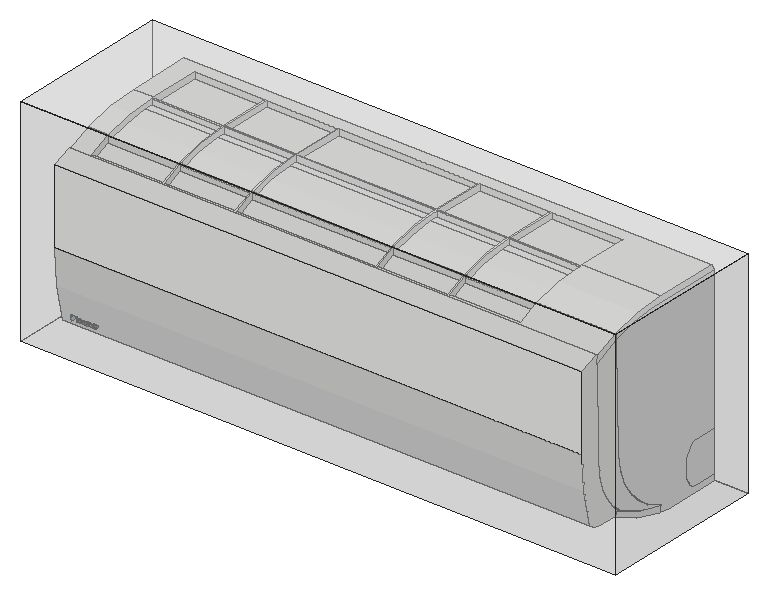
Revit family "outputfile", category 機械設備, Revit 2024
Family settings
  丸型コネクタ寸法 = 半径を使用
  パーツ タイプ = 標準
  OmniClass 番号 = 23.75.10.24.21.27.27
  OmniClass タイトル = Split System Air Conditioning Units
  作業面ベース = いいえ
  常に垂直 = はい
  ロード時にボイドで切り取り = いいえ
  注釈の向きを維持 = いいえ
  共有 = いいえ
  部屋計算ポイント = いいえ
Parameters (values of type "FTKB60XVMV")
  Description = ""
  書き出し IFC クラス(タイプ) = "IfcUnitaryEquipmentType"
  定義済み IFC タイプ(タイプ) = "AIRCONDITIONINGUNIT"
  Cost = 0
  Type Comments = ""
  Keynote = ""
  Type Image = (empty or 0)
  Assembly Code = ""
  w_wall hole = 48.0 mm  # constant formula
  製造元 = "Daikin"
  モデル = "FTKB60XVMV"
  switch_frequency = yes
  r_Liquid Pipe Size = Liquid Pipe Size / 2  # 3.2 mm
  r_Gas Pipe Size = Gas Pipe Size / 2  # 6.35 mm
  r_Drain Pipe Size = Drain Pipe Size / 2  # 8.0 mm
  lw_powersupply [instance] = if(or(Rear Right Connection_refrigerant, Bottom Right Connection_refrigerant), 30.0 mm, if(or(Rear Left Connection_refrigerant, Bottom Left Connection_refrigerant), 740.0 mm, 385.0 mm))  # 385.0 mm
  lw_liquidpipe [instance] = if(or(Rear Right Connection_refrigerant, Bottom Right Connection_refrigerant), 0.0 mm, if(or(Rear Left Connection_refrigerant, Bottom Left Connection_refrigerant), 674.0 mm, 385.0 mm))  # 385.0 mm
  lw_gaspipe [instance] = if(or(Rear Right Connection_refrigerant, Bottom Right Connection_refrigerant), 0.0 mm, if(or(Rear Left Connection_refrigerant, Bottom Left Connection_refrigerant), 674.0 mm, 345.0 mm))  # 345.0 mm
  lw_drainpipe [instance] = if(or(Rear Right Connection_refrigerant, Bottom Right Connection_refrigerant), 0.0 mm, if(or(Rear Left Connection_refrigerant, Bottom Left Connection_refrigerant), 674.0 mm, 440.0 mm))  # 440.0 mm
  l_powersupply_length [instance] = if(Right Connection_refrigerant, 385.0 mm, if(Left Connection_refrigerant, 385.0 mm, if(or(Rear Left Connection_refrigerant, Rear Right Connection_refrigerant), 15.0 mm, 50.0 mm)))  # 385.0 mm
  l_liquidpipe_length [instance] = if(Right Connection_refrigerant, 433.0 mm, if(Left Connection_refrigerant, 337.0 mm, if(or(Rear Left Connection_refrigerant, Rear Right Connection_refrigerant), 30.0 mm, 40.0 mm)))  # 433.0 mm
  l_gaspipe_length [instance] = if(Right Connection_refrigerant, 393.0 mm, if(Left Connection_refrigerant, 377.0 mm, if(or(Rear Left Connection_refrigerant, Rear Right Connection_refrigerant), 40.0 mm, 50.0 mm)))  # 393.0 mm
  l_drainpipe_length [instance] = if(Right Connection_refrigerant, 488.0 mm, if(Left Connection_refrigerant, 282.0 mm, if(or(Rear Left Connection_refrigerant, Rear Right Connection_refrigerant), 15.0 mm, 20.0 mm)))  # 488.0 mm
  h*** = 0.0 mm  # constant formula
  connector_voltage = Voltage_50Hz  # 230 V
  connector_powerinput = [Power Input (Cooling)]  # 0.000 kW
  connector_phase = Phase_50Hz  # 1
  angle_vertical [instance] = if(or(Bottom Left Connection_refrigerant, Bottom Right Connection_refrigerant), 0.00°, 90.00°)  # 90.00°
  angle_horizontal [instance] = if(Right Connection_refrigerant, 90.00°, if(Left Connection_refrigerant, -90.00°, if(or(Rear Left Connection_refrigerant, Rear Right Connection_refrigerant), 180.00°, 0.00°)))  # 90.00°
  Width = 770.0 mm
  Voltage_comment_50Hz = "220 - 240"
  Voltage_50Hz = 230 V
  Version = "ver.1.0"
  Unit Type = "Wall Mounted"
  Unit Mass Weight = 8.00 kg
  Unit Designation [instance] = ""
  Uniclass2015Version = "Products v1.30"
  Uniclass2015Title = "Split coil room air conditioning units"
  Uniclass2015Code = "Pr_70_65_03_86"
  URL = ""
  Total Cooling Capacity [instance] = 0.000 kW
  Sound Pressure Level_M speed (dBA) = 42
  Sound Pressure Level_L speed (dBA) = 37
  Sound Pressure Level_H speed (dBA) = 45
  Sound Power Level_H speed (dB) = 0
  Series = "Single Split_Fan Coil Unit"
  Sensible Cooling Capacity [instance] = 0.000 kW
  Refrigerant Type = "R32"
  Power Input (Cooling) = 0.000 kW
  Phase_50Hz = 1
  Option Accessory 3 [instance] = ""
  Option Accessory 2 [instance] = ""
  Option Accessory 1 [instance] = ""
  Nominal Cooling Capacity = 6.000 kW
  Minimum Circuit Amps_50Hz = 0.0 A
  Minimum Airflow = 594.00 m³/h
  Median Airflow = 726.00 m³/h
  Maximum Fuse Amps_50Hz = 0.0 A
  Maximum Airflow = 822.00 m³/h
  Material_Casing = DAIKIN_White_Casing_indoorunit
  Load Classification = HVAC
  Liquid Pipe Size = 6.4 mm
  Link_Nested Family [instance] = ""
  IfcVersion = ""
  IfcExportType = "AIRCONDITIONINGUNIT"
  IfcExportAs = "IfcUnitaryEquipmentType"
  Height = 285.0 mm
  Heat Exchanger Type = "Cross Fin Coil"
  Gas Pipe Size = 12.7 mm
  Frequency_50Hz = 50 Hz
  Fan Type = "Cross Flow Fan"
  Fan Drive = "Direct Drive"
  FCU Tag No. [instance] = ""
  Drain Pipe Size = 16.0 mm
  Design Supply Airflow [instance] = 0.00 m³/h
  Depth = 242.0 mm
  既定の高さ = 0.0 mm
  Cooling Entering Wet Bulb Temperature [instance] = 0.00 °C
  Cooling Entering Dry Bulb Temperature [instance] = 0.00 °C
  Cooling Ambient Wet Bulb Temperature [instance] = 0.00 °C
  Cooling Ambient Dry Bulb Temperature [instance] = 0.00 °C
  Clearance visibility [instance] = yes
  Clearance Top = 30.0 mm
  Clearance Right = 50.0 mm
  Clearance Rear = 0.0 mm
  Clearance Left = 50.0 mm
  Clearance Front = 0.0 mm
  Clearance Bottom = 0.0 mm
  Bottom Right Connection_refrigerant [instance] = no
  Bottom Left Connection_refrigerant [instance] = no
  Rear Right Connection_refrigerant [instance] = no
  Rear Left Connection_refrigerant [instance] = no
  Right Connection_refrigerant [instance] = yes
  Left Connection_refrigerant [instance] = no
Reference planes
  plane 1 "Back": y = 0
  plane 2: z = 0
  plane 3 "Center (Left/Right)": x = 0
  plane 4 "Center (Front/Back)": y = -121
  plane 5 "Front": y = -242
  plane 6 "Left": x = -385
  plane 7 "Right": x = 385
  plane 8 "Top": z = 0
  plane 9 "Bottom": z = -285
  plane 10: x = -435
  plane 11: x = 435
  plane 12: y = 0
  plane 13: y = -242
  plane 14: z = 30
  plane 15: z = -285
  plane 16 "lw_Piping and Wiring intake": x = 337
  plane 17 "lw_gaspipe": x = -8
  plane 18 "lw_liquidpipe": x = -48
  plane 19 "lw_drainpipe": x = -103
  plane 20 "lh_drainpipe": z = -265
  plane 21 "lh_liquidpipe": z = -245
  plane 22 "lh_gaspipe": z = -235
  plane 23 "ld_drainpipe": y = -15
  plane 24 "ld_liquidpipe": y = -30
  plane 25 "ld_gaspipe": y = -40
  plane 26 "lw_powersupply": x = 0
Dimensions and locks
  equal spacing: plane 6 "Left", plane 3 "Center (Left/Right)", plane 7 "Right"
  "Width": plane 6 "Left" to plane 7 "Right"
  equal spacing: plane 5 "Front", plane 4 "Center (Front/Back)", plane 1 "Back"
  "Depth": plane 5 "Front" to plane 1 "Back"
  "Height": plane 8 "Top" to plane 9 "Bottom"
  "Clearance Rear": plane 12 to plane 1 "Back"
  "Clearance Front": plane 13 to plane 5 "Front"
  "Clearance Top": plane 14 to plane 8 "Top"
  "Clearance Bottom": plane 9 "Bottom" to plane 15
  "w_wall hole": plane 16 "lw_Piping and Wiring intake" to plane 7 "Right"
  "lw_gaspipe": plane 17 "lw_gaspipe" to plane 16 "lw_Piping and Wiring intake"
  "lw_liquidpipe": plane 18 "lw_liquidpipe" to plane 16 "lw_Piping and Wiring intake"
  "lw_drainpipe": plane 19 "lw_drainpipe" to plane 16 "lw_Piping and Wiring intake"
  locked: plane 20 "lh_drainpipe" to plane 9 "Bottom" at 20
  locked: plane 21 "lh_liquidpipe" to plane 9 "Bottom" at 40
  locked: plane 22 "lh_gaspipe" to plane 9 "Bottom" at 50
  locked: plane 23 "ld_drainpipe" to plane 1 "Back" at 15
  locked: plane 1 "Back" to plane 24 "ld_liquidpipe" at 30
  locked: plane 1 "Back" to plane 25 "ld_gaspipe" at 40
  "lw_powersupply": plane 26 "lw_powersupply" to plane 7 "Right"
  "Clearance Right": plane 7 "Right" to plane 11
  "Clearance Left": plane 10 to plane 6 "Left"
  aligned and locked: level to plane 2
  aligned and locked: plane 12 to nested 1
  aligned and locked: nested 1 to plane 13
  aligned and locked: plane 10 to nested 1
  aligned and locked: plane 11 to nested 1
  aligned and locked: plane 15 to nested 1
  aligned and locked: plane 14 to nested 1
  aligned and locked: plane 17 "lw_gaspipe" to nested 2
  aligned and locked: nested 2 to plane 25 "ld_gaspipe"
  aligned and locked: plane 18 "lw_liquidpipe" to nested 3
  aligned and locked: nested 3 to plane 24 "ld_liquidpipe"
  aligned and locked: plane 19 "lw_drainpipe" to nested 4
  aligned and locked: nested 4 to plane 23 "ld_drainpipe"
  aligned and locked: nested 5 to plane 23 "ld_drainpipe"
  aligned and locked: plane 26 "lw_powersupply" to nested 5
  aligned and locked: level to plane 8 "Top"
  aligned and locked: plane 3 "Center (Left/Right)" to nested 6
  aligned and locked: plane 8 "Top" to nested 6
  aligned and locked: plane 1 "Back" to nested 6
Nested families
  nested 1: "daikin_clearancespace" at (0, -121, -127.381), show <- "Clearance visibility", visible <- "Clearance visibility", Link_Nested Family <- "Link_Nested Family", type "daikin_clearancespace"
    with width 870.0 mm, show yes, height 315.0 mm, depth 242.0 mm, Link_Nested Family ""
  nested 2: "daikin_connector_rotate3" at (-8, -40, -235), angle_vertical <- "angle_vertical", angle_horizontal <- "angle_horizontal", length <- "l_gaspipe_length", radius <- "r_Gas Pipe Size", type "daikin_connector_rotate3"
    with show no, radius 6.35 mm, length 393.0 mm, angle_vertical 90.00°, angle_horizontal 90.00°
  nested 3: "daikin_connector_rotate3" at (-48, -30, -245), angle_vertical <- "angle_vertical", angle_horizontal <- "angle_horizontal", radius <- "r_Liquid Pipe Size", length <- "l_liquidpipe_length", type "daikin_connector_rotate3"
    with show no, radius 3.2 mm, length 433.0 mm, angle_vertical 90.00°, angle_horizontal 90.00°
  nested 4: "daikin_connector_rotate3" at (-103, -15, -265), angle_vertical <- "angle_vertical", angle_horizontal <- "angle_horizontal", length <- "l_drainpipe_length", radius <- "r_Drain Pipe Size", type "daikin_connector_rotate3"
    with show no, radius 8.0 mm, length 488.0 mm, angle_vertical 90.00°, angle_horizontal 90.00°
  nested 5: "daikin_connector_rotate3" at (0, -15, -235), angle_vertical <- "angle_vertical", angle_horizontal <- "angle_horizontal", length <- "l_powersupply_length", type "daikin_connector_rotate3"
    with show no, radius 10.0 mm, length 385.0 mm, angle_vertical 90.00°, angle_horizontal 90.00°
  nested 6: "DAIKIN_indoorunit_FTKB-XVMV" at (-31, 0, 0), type "FTKB-XVMV"
Connectors
  piping at (385, -40, -235), diameter 12.7, driven by "r_Gas Pipe Size"
    settings: on nested 2, index 1, connector inside diameter 609.6 mm, connector length 0.0 mm, flow factor 0, pipe flow 0.00 m³/h, pressure drop 0.0 Pa, fitting loss kfactor 0, connector angle 0.00°, fixture units 0, engagement length 0.0 mm, angle of deflection 0.00°, flow configuration 1, flow direction 2, fitting loss method 0, system type 29, joint type 0, gender type 0, connector reference index -1, connector utility 0, adjustable connector no, is connector primary yes, connector description "Refrigerant Gas Piping"
  piping at (385, -30, -245), diameter 6.4, driven by "r_Liquid Pipe Size"
    settings: on nested 3, index 2, connector inside diameter 609.6 mm, connector length 0.0 mm, flow factor 0, pipe flow 0.00 m³/h, pressure drop 0.0 Pa, fitting loss kfactor 0, connector angle 0.00°, fixture units 0, engagement length 0.0 mm, angle of deflection 0.00°, flow configuration 1, flow direction 1, fitting loss method 0, system type 29, joint type 0, gender type 0, connector reference index -1, connector utility 0, adjustable connector no, is connector primary no, connector description "Refrigerant Liquid Piping"
  piping at (385, -15, -265), diameter 16, driven by "r_Drain Pipe Size"
    settings: on nested 4, index 3, connector inside diameter 609.6 mm, connector length 0.0 mm, flow factor 0, pipe flow 0.00 m³/h, pressure drop 0.0 Pa, fitting loss kfactor 0, connector angle 0.00°, fixture units 0, engagement length 0.0 mm, angle of deflection 0.00°, flow configuration 1, flow direction 2, fitting loss method 4, system type 16, joint type 0, gender type 0, connector reference index -1, connector utility 0, adjustable connector no, is connector primary no, connector description "Condensate Drain Piping"
  electrical at (385, -15, -235), driven by "Load Classification", driven by "connector_voltage", driven by "connector_phase", driven by "connector_powerinput"
    settings: on nested 5, index 4, voltage 230 V, apparent load 0 VA, apparent load phase1 0 VA, apparent load phase2 0 VA, apparent load phase3 0 VA, power factor 1, load classification "HVAC", number of poles 1, system type 30, power factor state 1, is connector primary yes, connector utility no, sub classification motor no, connector description "Power Supply"
Definition of nested family "daikin_clearancespace"
  Parameters (values of type "daikin_clearancespace")
    Description = "daikin_clearancespace"
    width [instance] = 1823.963 mm
    show [instance] = yes
    material = none
    height [instance] = 1359.762 mm
    depth [instance] = 880.0 mm
    Default Elevation = 0.0 mm
    Link_Nested Family [instance] = ""
  Reference planes
    plane 1 "Center (Front/Back)": y = 0
    plane 2 "Center (Elevation)": z = -0.119
    plane 3 "Center (Left/Right)": x = 0
    plane 4: y = 440
    plane 5: y = -440
    plane 6 "Right": x = 911.982
    plane 7 "Left": x = -911.982
    plane 8 "Top": z = 679.762
    plane 9 "Bottom": z = -680
  Forms (mm)
    Extrusion 1, solid, material <- "material", visible <- "show"
      sketch origin (0, 0, 0) x (1, 0, 0) y (0, 1, 0)
        loop
          line (-911.982, 440) -> (-911.982, -440) -> (911.982, -440) -> (911.982, 440) -> (-911.982, 440)
      from -680 to 679.762
  Lines and regions (mm)
    symbolic lines, visible <- "show"
      curve 1: line (911.982, 440, 0) -> (-911.982, 440, 0)
      curve 2: line (-911.982, 440, 0) -> (-911.982, -440, 0)
      curve 3: line (-911.982, -440, 0) -> (911.982, -440, 0)
      curve 4: line (911.982, -440, 0) -> (911.982, 440, 0)
      curve 5: line (911.982, 0, 679.762) -> (-911.982, 0, 679.762)
      curve 6: line (911.982, 0, -680) -> (911.982, 0, 679.762)
      curve 7: line (-911.982, 0, -680) -> (911.982, 0, -680)
      curve 8: line (-911.982, 0, 679.762) -> (-911.982, 0, -680)
      curve 9: line (0, 440, 679.762) -> (0, -440, 679.762)
      curve 10: line (0, -440, 679.762) -> (0, -440, -680)
      curve 11: line (0, 440, -680) -> (0, 440, 679.762)
      curve 12: line (0, -440, -680) -> (0, 440, -680)
  Dimensions and locks
    "width": plane 7 "Left" to plane 6 "Right"
    "depth": plane 4 to plane 5
    "height": plane 8 "Top" to plane 9 "Bottom"
    equal spacing: plane 7 "Left", plane 3 "Center (Left/Right)", plane 6 "Right"
    equal spacing: plane 4, plane 1 "Center (Front/Back)", plane 5
    equal spacing: plane 8 "Top", plane 2 "Center (Elevation)", plane 9 "Bottom"
    aligned and locked: level to plane 2 "Center (Elevation)"
    aligned and locked: Extrusion 1 sketch curve to plane 4
    aligned and locked: plane 7 "Left" to Extrusion 1 sketch curve
    aligned and locked: Extrusion 1 sketch curve to plane 5
    aligned and locked: Extrusion 1 sketch curve to plane 6 "Right"
    aligned and locked: plane 8 "Top" to Extrusion 1
    aligned and locked: curve 1 to Extrusion 1
    aligned and locked: curve 2 to Extrusion 1
    aligned and locked: curve 3 to Extrusion 1
    aligned and locked: curve 4 to Extrusion 1
    aligned and locked: curve 5 to Extrusion 1
    aligned and locked: curve 6 to Extrusion 1
    aligned and locked: curve 7 to Extrusion 1
    aligned and locked: curve 8 to Extrusion 1
    aligned and locked: curve 9 to Extrusion 1
    aligned and locked: curve 10 to Extrusion 1
    aligned and locked: curve 11 to Extrusion 1
    aligned and locked: curve 12 to Extrusion 1
    aligned and locked: Extrusion 1 to plane 9 "Bottom"
Definition of nested family "DAIKIN_indoorunit_FTKB-XVMV"
  Parameters (values of type "FTKB-XVMV")
    Width = 770.0 mm
    Material_Casing = none
    Height = 285.0 mm
    Default Elevation = 0.0 mm
  Reference planes
    plane 1 "Center (Front/Back)": y = 0
    plane 2 "reference_level": z = 0
    plane 3 "Center (Left/Right)": x = 31
    plane 4: x = -354
    plane 5: x = 416
    plane 6: y = -242
    plane 7: z = -285
  Forms (mm)
    Extrusion 1, solid, material <- "Material_Casing"
      sketch origin (31, 0, 0) x (0, 1, 0) y (0, 0, 1)
        loop
          line (-181.516, -252.416) -> (-177.432, -245.341)
          arc (-177.432, -245.341) -> (-187.602, -234.721) -> (-196.157, -222.761) r 103
          arc (-196.157, -222.761) -> (-204.858, -204.875) -> (-209.959, -185.65) r 103
          arc (-209.959, -185.65) -> (-211.672, -172.918) -> (-212.646, -160.108) r 222
          arc (-212.646, -160.108) -> (-214.738, -92.842) -> (-214.74, -25.543) r 2166.704
          line (-214.74, -25.543) -> (-242, -36.1) -> (-242, -144.253)
          arc (-242, -144.253) -> (-238.127, -195.07) -> (-226.597, -244.714) r 335.315
          arc (-226.597, -244.714) -> (-218.704, -249.531) -> (-209.718, -251.715) r 30
          arc (-209.718, -251.715) -> (-195.628, -252.481) -> (-181.516, -252.416) r 239.767
      from -385 to 385
    Extrusion 2, solid, material <- "Material_Casing"
      sketch origin (31, 0, 0) x (0, 1, 0) y (0, 0, 1)
        loop
          line (0, -8.5) -> (-113.618, -8.5)
          arc (-113.618, -8.5) -> (-146.846, -12.967) -> (-179.138, -21.983) r 242
          arc (-179.138, -21.983) -> (-179.047, -97.761) -> (-175.674, -173.465) r 1749.053
          arc (-175.674, -173.465) -> (-151.972, -235.488) -> (-97.504, -273.461) r 112.896
          line (-97.504, -273.461) -> (-97.504, -283.03)
          arc (-97.504, -283.03) -> (-89.849, -284.138) -> (-82.162, -285) r 240
          line (-82.162, -285) -> (0, -285) -> (0, -8.5)
      from -385 to 385
    Extrusion 3, solid, material <- "Material_Casing"
      sketch origin (31, 0, 0) x (0, 1, 0) y (0, 0, 1)
        loop
          arc (-98, 0) -> (-139.118, -3.405) -> (-179.116, -13.525) r 250
          arc (-179.116, -13.525) -> (-179.134, -17.754) -> (-179.138, -21.983) r 1232.815
          arc (-179.138, -21.983) -> (-146.846, -12.967) -> (-113.618, -8.5) r 242
          line (-113.618, -8.5) -> (0, -8.5) -> (-5, 0) -> (-98, 0)
      from -385 to 385
    Extrusion 4, solid, material <- "Material_Casing"
      sketch origin (31, 0, 0) x (0, 1, 0) y (0, 0, 1)
        loop
          arc (-179.116, -13.525) -> (-196.73, -20.321) -> (-213.781, -28.427) r 250
          arc (-213.781, -28.427) -> (-213.841, -32.971) -> (-213.891, -37.516) r 2163.952
          arc (-213.891, -37.516) -> (-196.821, -29.065) -> (-179.138, -21.983) r 242
          arc (-179.138, -21.983) -> (-179.134, -17.754) -> (-179.116, -13.525) r 1232.815
      from -385 to 385
    Extrusion 5, solid, material <- "Material_Casing"
      sketch origin (31, 0, 0) x (0, 1, 0) y (0, 0, 1)
        loop
          arc (-179.138, -21.983) -> (-196.821, -29.065) -> (-213.891, -37.516) r 242
          arc (-213.891, -37.516) -> (-213.638, -98.737) -> (-211.653, -159.927) r 2163.952
          arc (-211.653, -159.927) -> (-210.685, -172.747) -> (-208.973, -185.489) r 221
          arc (-208.973, -185.489) -> (-197.132, -219.133) -> (-174.432, -246.644) r 102
          arc (-174.432, -246.644) -> (-137.432, -263.767) -> (-98, -274.128) r 231.303
          line (-98, -274.128) -> (-98, -273.301)
          arc (-98, -273.301) -> (-152.132, -235.283) -> (-175.674, -173.465) r 112.896
          arc (-175.674, -173.465) -> (-179.047, -97.761) -> (-179.138, -21.983) r 1749.053
      from -385 to 385
    Extrusion 6, solid, material <- "Material_Casing"
      sketch origin (31, 0, 0) x (0, 1, 0) y (0, 0, 1)
        loop
          arc (-99, -274.668) -> (-139.156, -263.909) -> (-176.747, -246.156) r 232
          line (-176.747, -246.156) -> (-180.748, -253.084)
          arc (-180.748, -253.084) -> (-141.23, -271.668) -> (-99, -282.784) r 240
          line (-99, -282.784) -> (-99, -274.668)
      from 334 to 385
    Extrusion 7, solid, material <- "Material_Casing"
      sketch origin (31, 0, 0) x (0, 1, 0) y (0, 0, 1)
        loop
          arc (-99, -274.668) -> (-139.156, -263.909) -> (-176.747, -246.156) r 232
          line (-176.747, -246.156) -> (-180.748, -253.084)
          arc (-180.748, -253.084) -> (-141.23, -271.668) -> (-99, -282.784) r 240
          line (-99, -282.784) -> (-99, -274.668)
      from 267 to 333
    Extrusion 8, solid, material <- "Material_Casing"
      sketch origin (31, 0, 0) x (0, 1, 0) y (0, 0, 1)
        loop
          arc (-99, -274.668) -> (-139.156, -263.909) -> (-176.747, -246.156) r 232
          line (-176.747, -246.156) -> (-180.748, -253.084)
          arc (-180.748, -253.084) -> (-141.23, -271.668) -> (-99, -282.784) r 240
          line (-99, -282.784) -> (-99, -274.668)
      from -385 to -338.5
    Extrusion 9, solid, material <- "Material_Casing"
      sketch origin (31, 0, 0) x (0, 1, 0) y (0, 0, 1)
        loop
          arc (-118.787, -270.332) -> (-148.589, -260.214) -> (-176.747, -246.156) r 232
          line (-176.747, -246.156) -> (-180.748, -253.084)
          arc (-180.748, -253.084) -> (-152.638, -267.191) -> (-122.926, -277.5) r 240
          line (-122.926, -277.5) -> (-118.787, -270.332)
      from -335.5 to 264.6
    Extrusion 10, solid, material <- "Material_Casing"
      sketch origin (31, 0, 0) x (0, 1, 0) y (0, 0, 1)
        loop
          line (0, -276.246) -> (0, -216.246) -> (-30, -216.246)
          arc (-30, -216.246) -> (-44.142, -222.104) -> (-50, -236.246) r 20
          line (-50, -236.246) -> (-50, -256.246)
          arc (-50, -256.246) -> (-44.142, -270.388) -> (-30, -276.246) r 20
          line (-30, -276.246) -> (0, -276.246)
      from 380 to 385
    Extrusion 11, solid, material <- "Material_Casing"
      sketch origin (-734, 0, 0) x (0, 1, 0) y (0, 0, 1)
        loop
          line (0, -276.246) -> (0, -216.246) -> (-30, -216.246)
          arc (-30, -216.246) -> (-44.142, -222.104) -> (-50, -236.246) r 20
          line (-50, -236.246) -> (-50, -256.246)
          arc (-50, -256.246) -> (-44.142, -270.388) -> (-30, -276.246) r 20
          line (-30, -276.246) -> (0, -276.246)
      from 380 to 385
    Extrusion 12, solid, material <- "Material_Casing"
      sketch origin (4267.2, -957.059, -285) x (0, -1, 0) y (1, 0, 0)
        loop
          line (-957.059, -4610.2) -> (-927.059, -4610.2)
          arc (-927.059, -4610.2) -> (-912.917, -4604.342) -> (-907.059, -4590.2) r 20
          line (-907.059, -4590.2) -> (-907.059, -4570.2)
          arc (-907.059, -4570.2) -> (-912.917, -4556.058) -> (-927.059, -4550.2) r 20
          line (-927.059, -4550.2) -> (-957.059, -4550.2) -> (-957.059, -4610.2)
        loop
          line (-957.059, -3922.2) -> (-927.059, -3922.2)
          arc (-927.059, -3922.2) -> (-912.917, -3916.342) -> (-907.059, -3902.2) r 20
          line (-907.059, -3902.2) -> (-907.059, -3882.2)
          arc (-907.059, -3882.2) -> (-912.917, -3868.058) -> (-927.059, -3862.2) r 20
          line (-927.059, -3862.2) -> (-957.059, -3862.2) -> (-957.059, -3922.2)
      from 0 to 5
    Extrusion 13, solid, material <- "Material_Casing"
      sketch origin (0, 0, 0) x (1, 0, 0) y (0, 0, 1)
        loop
          circle (-306, -240.5) r 32.5
        loop
          circle (368, -240.5) r 32.5
      from 0 to 5
    Extrusion 14, void
      sketch origin (0, 0, 0) x (1, 0, 0) y (0, 1, 0)
        loop
          line (-324.5, -23.5) -> (-324.5, -100) -> (-221, -100) -> (-221, -23.5) -> (-324.5, -23.5)
        loop
          line (-324.5, -102) -> (-324.5, -180.5) -> (-221, -180.5) -> (-221, -102) -> (-324.5, -102)
        loop
          line (-221, -181.5) -> (-324.5, -181.5) -> (-324.5, -210) -> (-221, -210) -> (-221, -181.5)
        loop
          line (-219, -23.5) -> (-219, -100) -> (-115.5, -100) -> (-115.5, -23.5) -> (-219, -23.5)
        loop
          line (-219, -102) -> (-219, -180.5) -> (-115.5, -180.5) -> (-115.5, -102) -> (-219, -102)
        loop
          line (-115.5, -181.5) -> (-219, -181.5) -> (-219, -210) -> (-115.5, -210) -> (-115.5, -181.5)
        loop
          line (92, -23.5) -> (92, -100) -> (195.5, -100) -> (195.5, -23.5) -> (92, -23.5)
        loop
          line (92, -102) -> (92, -180.5) -> (195.5, -180.5) -> (195.5, -102) -> (92, -102)
        loop
          line (195.5, -181.5) -> (92, -181.5) -> (92, -210) -> (195.5, -210) -> (195.5, -181.5)
        loop
          line (197.5, -23.5) -> (197.5, -100) -> (301, -100) -> (301, -23.5) -> (197.5, -23.5)
        loop
          line (197.5, -102) -> (197.5, -180.5) -> (301, -180.5) -> (301, -102) -> (197.5, -102)
        loop
          line (301, -181.5) -> (197.5, -181.5) -> (197.5, -210) -> (301, -210) -> (301, -181.5)
        loop
          line (-113.5, -23.5) -> (-113.5, -100) -> (90, -100) -> (90, -23.5) -> (-113.5, -23.5)
        loop
          line (-113.5, -102) -> (-113.5, -180.5) -> (90, -180.5) -> (90, -102) -> (-113.5, -102)
        loop
          line (-113.5, -181.5) -> (-113.5, -210) -> (90, -210) -> (90, -181.5) -> (-113.5, -181.5)
      from -45.568 to 39.59
  Cuts and joins
    Extrusion 14 cuts Extrusion 4
    Extrusion 14 cuts Extrusion 3
  Dimensions and locks
    plane 4 to plane 5 = 770.0 mm
    plane 4 to plane 3 "Center (Left/Right)" to plane 5 = 385.0 mm, 385.0 mm
    plane 6 to plane 1 "Center (Front/Back)" = 242.0 mm
    level to plane 7 = 285.0 mm
    locked: Extrusion 13 sketch curve to plane 4 at 48
    locked: plane 5 to Extrusion 13 sketch curve at 48
    locked: Extrusion 13 sketch curve to plane 7 at 44.5  (x2)
    locked: nested 1 to plane 4 at 15
    radius of Extrusion 13 sketch curve = 32.5 mm  (x2)
    aligned and locked: level to plane 2 "reference_level"
  Nested families
    nested 1: "daikin_logo_plane_w40" at (-320, -229.425, -231.122) x (1, 0, 0) z (0, -0.9656, -0.2599), type "daikin_logo_plane_w40"
      with show_logo yes
  Definition of nested family "daikin_logo_plane_w40"
    Parameters (values of type "daikin_logo_plane_w40")
      width = 40.0 mm
      show_logo [instance] = yes
      material = none
      height = 0.0 mm
      depth = 0.0 mm
      Default Elevation = 1219.2 mm
    Reference planes
      plane 1 "Center (Front/Back)": y = 0
      plane 2: z = 0
      plane 3 "Center (Left/Right)": x = 0
      plane 4: z = 2
      plane 5 "left": x = -19
      plane 6: x = 19
    Forms (mm)
      Extrusion 1, solid, visible <- "show_logo"
        sketch origin (-19, 0, 0) x (1, 0, 0) y (0, 1, 0)
          loop
            line (8.902, -1.878) -> (7.789, -6.332) -> (11.13, -6.332)
            arc (11.13, -6.332) -> (12.454, -6.064) -> (13.472, -5.176) r 2.642
            arc (13.472, -5.176) -> (13.92, -4.02) -> (13.767, -2.79) r 2.537
            arc (13.767, -2.79) -> (13.452, -2.342) -> (12.982, -2.06) r 1.321
            arc (12.982, -2.06) -> (12.063, -1.902) -> (11.13, -1.878) r 6.479
            line (11.13, -1.878) -> (8.902, -1.878)
          loop
            line (10.016, -5.441) -> (10.907, -5.441)
            arc (10.907, -5.441) -> (11.591, -4.983) -> (11.988, -4.261) r 1.742
            spline (11.988, -4.261) -> (12.01, -4.155) -> (12.027, -4.03) -> (12.037, -3.893) -> (12.037, -3.747) -> (12.026, -3.598) -> (12.002, -3.451) -> (11.962, -3.31) -> (11.905, -3.181) -> (11.829, -3.069) -> (11.731, -2.978) -> (11.61, -2.913) -> (11.464, -2.88)
            line (11.464, -2.88) -> (10.573, -2.88) -> (10.016, -5.441)
          loop
            line (13.58, -6.332) -> (14.805, -6.332) -> (15.223, -5.553) -> (16.977, -5.553) -> (17.144, -6.332) -> (19.149, -6.332) -> (18.258, -1.878) -> (16.03, -1.878) -> (13.58, -6.332)
          loop
            line (16.476, -3.214) -> (15.76, -4.551) -> (16.762, -4.551) -> (16.476, -3.214)
          loop
            line (19.705, -6.332) -> (21.599, -6.332) -> (22.712, -1.878) -> (20.819, -1.878) -> (19.705, -6.332)
          loop
            line (22.712, -6.332) -> (24.606, -6.332) -> (24.908, -5.122) -> (25.831, -6.332) -> (28.17, -6.332) -> (26.388, -3.994) -> (28.949, -1.878) -> (26.945, -1.878) -> (25.401, -3.153) -> (25.719, -1.878) -> (23.826, -1.878) -> (22.712, -6.332)
          loop
            line (29.84, -1.878) -> (28.615, -6.332) -> (30.62, -6.332) -> (31.734, -1.878) -> (29.84, -1.878)
          loop
            line (31.734, -6.332) -> (33.07, -6.332) -> (33.7, -3.814) -> (34.518, -6.332) -> (36.745, -6.332) -> (37.859, -1.878) -> (36.523, -1.878) -> (35.845, -4.589) -> (34.963, -1.878) -> (32.847, -1.878) -> (31.734, -6.332)
        from 0 to 2
      Extrusion 2, solid, visible <- "show_logo"
        sketch origin (-19, 0, 0) x (1, 0, 0) y (0, 1, 0)
          loop
            line (8.7, 0) -> (4.235, 0) -> (0, -3.879) -> (0, -8) -> (8.7, 0)
        from 0 to 2
      Extrusion 3, solid, visible <- "show_logo"
        sketch origin (-19, 0, 0) x (1, 0, 0) y (0, 1, 0)
          loop
            line (0, 0) -> (0, -3.879) -> (4.235, 0) -> (0, 0)
        from 0 to 2
    Dimensions and locks
      plane 4 to plane 2 = 2.0 mm
      equal spacing: plane 5 "left", plane 3 "Center (Left/Right)", plane 6
      locked: plane 5 "left" to plane 6 at 38
      aligned and locked: level to plane 2
      aligned and locked: Extrusion 3 to plane 1 "Center (Front/Back)"  (x2)
      aligned and locked: Extrusion 2 to plane 1 "Center (Front/Back)"  (x2)
      aligned and locked: plane 4 to Extrusion 1
      aligned and locked: plane 4 to Extrusion 3
      aligned and locked: plane 4 to Extrusion 2
      aligned and locked: Extrusion 3 to plane 5 "left"
      aligned and locked: Extrusion 2 to plane 5 "left"
    Automatic sketch dimensions
      Extrusion 1 sketch curve to Extrusion 1 sketch curve = 0.901 mm
      Extrusion 1 sketch curve to Extrusion 1 sketch curve = 1.559 mm
      Extrusion 1 sketch curve to Extrusion 1 sketch curve = 1.327 mm
      Extrusion 1 sketch curve to Extrusion 1 sketch curve = 2.145 mm
      Extrusion 1 sketch curve to Extrusion 1 sketch curve = 1.448 mm
      Extrusion 1 sketch curve to Extrusion 1 sketch curve = 2.116 mm
      Extrusion 1 sketch curve to Extrusion 1 sketch curve = 1.114 mm  (x4)
      Extrusion 1 sketch curve to Extrusion 1 sketch curve = 1.336 mm  (x2)
      plane 1 "Center (Front/Back)" to Extrusion 1 sketch curve = 1.878 mm  (x5)
      Extrusion 1 sketch curve to Extrusion 1 sketch curve = 1.893 mm  (x5)
      Extrusion 1 sketch curve to Extrusion 1 sketch curve = 0.891 mm  (x4)
      Extrusion 1 sketch curve to Extrusion 1 sketch curve = 2.005 mm  (x3)
      Extrusion 1 sketch curve to Extrusion 1 sketch curve = 0.445 mm  (x2)
      plane 1 "Center (Front/Back)" to Extrusion 1 sketch curve = 3.994 mm
      Extrusion 1 sketch curve to Extrusion 1 sketch curve = 0.557 mm  (x2)
      Extrusion 1 sketch curve to Extrusion 1 sketch curve = 2.339 mm  (x2)
      Extrusion 1 sketch curve to Extrusion 1 sketch curve = 1.225 mm  (x3)
      plane 1 "Center (Front/Back)" to Extrusion 1 sketch curve = 3.153 mm
      Extrusion 1 sketch curve to Extrusion 1 sketch curve = 0.987 mm
      plane 1 "Center (Front/Back)" to Extrusion 1 sketch curve = 5.122 mm
      Extrusion 1 sketch curve to Extrusion 1 sketch curve = 0.922 mm
      plane 1 "Center (Front/Back)" to Extrusion 1 sketch curve = 6.332 mm
      Extrusion 1 sketch curve to Extrusion 1 sketch curve = 2.562 mm
      plane 1 "Center (Front/Back)" to Extrusion 1 sketch curve = 5.553 mm
      Extrusion 1 sketch curve to Extrusion 1 sketch curve = 0.167 mm
      Extrusion 1 sketch curve to Extrusion 1 sketch curve = 0.215 mm
      plane 1 "Center (Front/Back)" to Extrusion 1 sketch curve = 3.214 mm
      Extrusion 1 sketch curve to Extrusion 1 sketch curve = 0.286 mm
      plane 1 "Center (Front/Back)" to Extrusion 1 sketch curve = 4.551 mm
      Extrusion 1 sketch curve to Extrusion 1 sketch curve = 1.002 mm
      Extrusion 1 sketch curve to Extrusion 1 sketch curve = 0.537 mm
      Extrusion 1 sketch curve to Extrusion 1 sketch curve = 0.418 mm
      Extrusion 1 sketch curve to Extrusion 1 sketch curve = 1.028 mm
      plane 1 "Center (Front/Back)" to Extrusion 1 sketch curve = 4.261 mm
      Extrusion 1 sketch curve to Extrusion 1 sketch curve = 0.563 mm
      plane 1 "Center (Front/Back)" to Extrusion 1 sketch curve = 2.88 mm
      Extrusion 1 sketch curve to Extrusion 1 sketch curve = 1.088 mm
      Extrusion 1 sketch curve to Extrusion 1 sketch curve = 2.152 mm
      Extrusion 1 sketch curve to Extrusion 1 sketch curve = 0.586 mm
      Extrusion 1 sketch curve to Extrusion 1 sketch curve = 0.118 mm
      Extrusion 1 sketch curve to Extrusion 1 sketch curve = 0.298 mm
      Extrusion 1 sketch curve to Extrusion 1 sketch curve = 0.334 mm
      Extrusion 1 sketch curve to Extrusion 1 sketch curve = 0.223 mm
      Extrusion 1 sketch curve to Extrusion 1 sketch curve = 0.266 mm
      Extrusion 1 sketch curve to Extrusion 1 sketch curve = 1.671 mm
      Extrusion 1 sketch curve to Extrusion 1 sketch curve = 2.227 mm
      Extrusion 1 sketch curve to Extrusion 1 sketch curve = 0.0 mm  (x7)
      Extrusion 1 sketch curve to Extrusion 1 sketch curve = 3.453 mm
      Extrusion 1 sketch curve to Extrusion 1 sketch curve = 2.017 mm
      Extrusion 1 sketch curve to Extrusion 1 sketch curve = 0.78 mm  (x2)
      Extrusion 1 sketch curve to Extrusion 1 sketch curve = 1.743 mm
      Extrusion 1 sketch curve to Extrusion 1 sketch curve = 0.775 mm
      Extrusion 1 sketch curve to Extrusion 1 sketch curve = 0.552 mm
      Extrusion 1 sketch curve to Extrusion 1 sketch curve = 0.014 mm
      Extrusion 1 sketch curve to Extrusion 1 sketch curve = 0.952 mm
      Extrusion 1 sketch curve to Extrusion 1 sketch curve = 1.215 mm
      Extrusion 1 sketch curve to Extrusion 1 sketch curve = 0.108 mm
      plane 1 "Center (Front/Back)" to Extrusion 2 sketch curve = 0.0 mm
      Extrusion 2 sketch curve to plane 3 "Center (Left/Right)" = 19.0 mm
      Extrusion 2 sketch curve to plane 3 "Center (Left/Right)" = 14.765 mm
      Extrusion 2 sketch curve to Extrusion 2 sketch curve = 4.465 mm
      plane 1 "Center (Front/Back)" to Extrusion 2 sketch curve = 3.879 mm
      Extrusion 2 sketch curve to Extrusion 2 sketch curve = 4.12 mm
      plane 1 "Center (Front/Back)" to Extrusion 3 sketch curve = 0.0 mm
      Extrusion 3 sketch curve to plane 3 "Center (Left/Right)" = 19.0 mm
      Extrusion 3 sketch curve to plane 3 "Center (Left/Right)" = 14.765 mm
      plane 1 "Center (Front/Back)" to Extrusion 3 sketch curve = 3.879 mm
      Extrusion 1 sketch curve to plane 3 "Center (Left/Right)" = 11.211 mm
      Extrusion 1 sketch curve to Extrusion 1 sketch curve = 1.782 mm
Definition of nested family "daikin_connector_rotate3"
  Parameters (values of type "daikin_connector_rotate3")
    show [instance] = yes
    radius [instance] = 10.0 mm
    length [instance] = 600.0 mm
    angle_horizontal [instance] = 60.00°
    angle_vertical [instance] = 90.00°
    Default Elevation = 1219.2 mm
  Reference planes
    plane 1 "Center (Front/Back)": y = 0
    plane 2: z = 0
    plane 3 "Center (Left/Right)": x = 0
  Dimensions and locks
    "angle_horizontal": angle plane 3 "Center (Left/Right)" to nested 1
    aligned and locked: level to plane 2
    aligned and locked: plane 1 "Center (Front/Back)" to nested 1  (x2)
    aligned and locked: plane 3 "Center (Left/Right)" to nested 1
  Nested families
    nested 1: "daikin_connector_rotate2" at (0, 0, 0) x (0.5, 0.866, 0) z (0, 0, 1), angle_vertical <- "angle_vertical", length <- "length", radius <- "radius", type "daikin_connector_rotate2"
      with radius 10.0 mm, length 600.0 mm, angle_vertical 90.00°
  Definition of nested family "daikin_connector_rotate2"
    Parameters (values of type "daikin_connector_rotate2")
      show_face = yes
      radius [instance] = 10.0 mm
      length [instance] = 600.0 mm
      d_surface = 10.0 mm
      angle_vertical [instance] = 90.00°
      Default Elevation = 0.0 mm
    Reference planes
      plane 1 "Center (Front/Back)": y = 0
      plane 2: z = 0
      plane 3 "Center (Left/Right)": x = 0
    Forms (mm)
      Extrusion 1, solid, visible <- "show_face"
        sketch origin (0, -600, 0) x (1, 0, 0) y (0, 0, 1)
          loop
            circle (0, 0) r 10
        from 0 to -10
    Lines and regions (mm)
      reference lines
        curve 1: line (0, 0, 0) -> (0, -600, 0)
      symbolic lines
        curve 2: circle (0, 0, 0) r 5 normal (0, 0, 1)
      model lines, visible <- "show_face"
        curve 3: line (0, 0, 0) -> (0, -600, 0)
    Dimensions and locks
      "length": curve 1 to curve 1
      "length": curve 3 to curve 3
      "d_surface": Extrusion 1 to Extrusion 1
      "radius": radius of Extrusion 1 sketch curve
      "angle_vertical": angle curve 1 to plane 1 "Center (Front/Back)"
      "angle_vertical": angle curve 3 to plane 1 "Center (Front/Back)"
      aligned and locked: level to plane 2
      aligned and locked: plane 1 "Center (Front/Back)" to curve 1
      aligned and locked: plane 2 to curve 1
      aligned and locked: plane 1 "Center (Front/Back)" to curve 2
      aligned and locked: plane 3 "Center (Left/Right)" to curve 2
      aligned and locked: plane 1 "Center (Front/Back)" to curve 3
      aligned and locked: plane 2 to curve 3
      aligned and locked: Extrusion 1 to Extrusion 1
    Automatic sketch dimensions
      Extrusion 1 sketch curve to level = 0.0 mm
      Extrusion 1 sketch curve to plane 3 "Center (Left/Right)" = 0.0 mm
      radius of curve 2 = 5.0 mm
